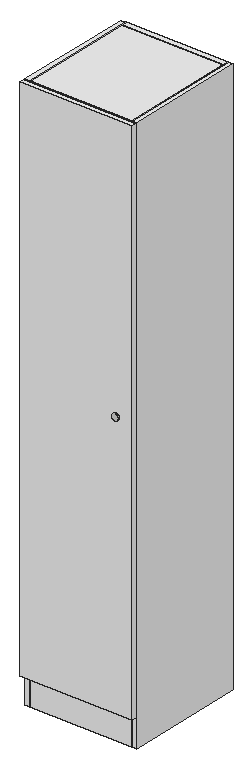
Revit family "Lockin Lockers AU_Hybrid Locker_R22", category Furniture, Revit 2022
Family settings
  OmniClass Number = 23.40.20.27
  OmniClass Title = Storage Shelving
  Work Plane-Based = Yes
  Always vertical = Yes
  Cut with Voids When Loaded = No
  Render Appearance Source = Family Geometry
  Shared = Yes
  Room Calculation Point = No
Parameters (values of type "Hybrid 1 door (HY1)")
  vis_Door 8 = if(N_Doors > 7, 1 = 1, 1 = 0)  # no
  vis_Door 7 = if(N_Doors > 6, 1 = 1, 1 = 0)  # no
  vis_Door 6 = if(N_Doors > 5, 1 = 1, 1 = 0)  # no
  vis_Door 5 = if(N_Doors > 4, 1 = 1, 1 = 0)  # no
  vis_Door 4 = if(N_Doors > 3, 1 = 1, 1 = 0)  # no
  vis_Door 3 = if(N_Doors > 2, 1 = 1, 1 = 0)  # no
  vis_Door 2 = if(N_Doors > 1, 1 = 1, 1 = 0)  # no
  vis_Door 1 = if(N_Doors > 0, 1 = 1, 1 = 0)  # yes
  Width Control = if(Desired Width > Maximum Width, Maximum Width, if(Desired Width < Minimum Width, Minimum Width, Desired Width))  # 400 mm
  URL = "https://www.lockin.com.au/lockers/hybrid-lockers/hy1-locker"
  TH Wall = 18 mm  # constant formula
  N_Doors = 1
  Locker Joint = 3 mm  # constant formula
  Height Control = if(Desired Height > Maximum Height, Maximum Height, if(Desired Height < Minimum Height, Minimum Height, Desired Height))  # 2000 mm
  Minimum Width = 300 mm  # constant formula
  Minimum Height = 400 mm  # constant formula
  Minimum Depth = 200 mm  # constant formula
  Maximum Width = 600 mm  # constant formula
  Maximum Height = 2000 mm  # constant formula
  Maximum Depth = 600 mm  # constant formula
  LH Door Swing [instance] = not(RH Door Swing)  # no
  Model = "HY1"
  Manufacturer = "Lockin Lockers AU"  # constant formula
  RH Door Swing [instance] = yes
  H Locker = ((Height Control - Base Height Control) / (N_Doors)) - ((Locker Joint * (N_Doors - 1)) / N_Doors)  # 1900 mm
  Door Type = Lockin_Locker Door_R22 : Standard Door/Key Lock
  Door Material = Material - Melamine - Laminex or Polytec Finish
  Desired Base Height = 100 mm
  Description = "Hybrid 1 door"
  Depth Control = if(Desired Depth > Maximum Depth, Maximum Depth, if(Desired Depth < Minimum Depth, Minimum Depth, Desired Depth))  # 450 mm
  Default Elevation = 0 mm  # constant formula
  Desired Height = 2100 mm
  Desired Depth = 450 mm
  Desired Width = 400 mm
  Body/Frame Material = Material - Welded Steel - Oven-Baked Powdercoat
  Minimum Base Height = 100 mm  # constant formula
  Maximum Base Height = 100 mm  # constant formula
  Base Height Control = if(Desired Base Height > Maximum Base Height, Maximum Base Height, if(Desired Base Height < Minimum Base Height, Minimum Base Height, Desired Base Height))  # 100 mm
  Assembly Code = ""
Types (8, lengths in mm): name | vis_Door 8 | vis_Door 7 | vis_Door 6 | vis_Door 5 | vis_Door 4 | vis_Door 3 | vis_Door 2 | URL | N_Doors | Model | H Locker | Door Type | Description
  (no name) | no | no | no | no | no | no | no | "https://www.lockin.com.au/lockers/hybrid-lockers/hy1-locker" | 1 | "HY1" | 1900 | Lockin_Locker Door_R22 : Standard Door/Key Lock | "Hybrid 1 door"
  Hybrid 8 door (HY8) | yes | yes | yes | yes | yes | yes | yes | "https://www.lockin.com.au/lockers/hybrid-lockers/hy8-locker" | 8 | "HY8" | 234.875 | Lockin_Locker Door_R22 : Standard Door/Key Lock | "Hybrid 8 door"
  Hybrid 3 door (HY3) | no | no | no | no | no | yes | yes | "https://www.lockin.com.au/lockers/hybrid-lockers/hy3-locker" | 3 | "HY3" | 631.333 | Lockin_Locker Door_R22 : Standard Door/Key Lock | "Hybrid 3 door"
  Hybrid 4 door (HY4) | no | no | no | no | yes | yes | yes | "https://www.lockin.com.au/lockers/hybrid-lockers/hy4-locker" | 4 | "HY4" | 472.75 | Lockin_Locker Door_R22 : Standard Door/Key Lock | "Hybrid 4 door"
  Hybrid 6 door (HY6) | no | no | yes | yes | yes | yes | yes | "https://www.lockin.com.au/lockers/hybrid-lockers/hy6-locker" | 6 | "HY6" | 314.167 | Lockin_Locker Door_R22 : Standard Door/Key Lock | "Hybrid 6 door"
  Hybrid 2 door (HY2) | no | no | no | no | no | no | yes | "https://www.lockin.com.au/lockers/hybrid-lockers/hy2-locker" | 2 | "HY2" | 948.5 | Lockin_Locker Door_R22 : Standard Door/Key Lock | "Hybrid 2 door"
  Hybrid 1 door (HY1) | no | no | no | no | no | no | no | "https://www.lockin.com.au/lockers/hybrid-lockers/hy1-locker" | 1 | "HY1" | 1900 | Lockin_Locker Door_R22 : Standard Door/Key Lock | "Hybrid 1 door"
  Hybrid Wave door (HYL2) | no | no | no | no | no | no | no | "https://www.lockin.com.au/lockers/hybrid-lockers/hyl2-locker" | 1 | "HYL2" | 1900 | Lockin_Locker Door_R22 : Wave Door/Key Lock | "Hybrid Wave door"
Reference planes
  plane 1 "Back": y = -2057.4
  plane 2 "Bottom": z = 0
  plane 3 "Right": x = 271.334
  plane 4 "Left": x = -128.666
  plane 5 "Front": y = -2507.4
  plane 6 "Left Inside": x = -110.666
  plane 7 "Front Inside": y = -2488.4
  plane 8 "Right Inside": x = 253.334
  plane 9 "Back Inside": y = -2075.4
  plane 10 "4P": z = 18
  plane 11 "Center (Left/Right)": x = 71.334
  plane 12 "Front Base": y = -2457.4
  plane 13 "Back Base": y = -2439.4
  plane 14 "Left5": y = -2486.4
  plane 15 "Bottom Shelf 1": z = 1982
  plane 16 "Bottom Shelf 2": z = 3885
  plane 17 "H Locker": z = 2000
  plane 18 "Top Joint": z = 2003
  plane 19 "Floating Shelf Front": y = -2343.4
  plane 20 "Center (Front/Back)": y = -2282.4
  plane 21: z = 3903
  plane 22 "Top ref": z = 2000
  plane 23: z = 1982
  plane 24: z = 3906
  plane 25 "Bottom Shelf 33": z = 5788
  plane 26: z = 5806
  plane 27: z = 5809
  plane 28 "Bottom Shelf 34": z = 7691
  plane 29: z = 7709
  plane 30: z = 7712
  plane 31 "Bottom Shelf 35": z = 9594
  plane 32: z = 9612
  plane 33: z = 9615
  plane 34 "Bottom Shelf 36": z = 11497
  plane 35: z = 11515
  plane 36: z = 11518
  plane 37 "Bottom Shelf 37": z = 13400
  plane 38: z = 13418
  plane 39: z = 13421
  plane 40 "Bottom Shelf 38": z = 2021
  plane 41: z = 3924
  plane 42: z = 5827
  plane 43: z = 7730
  plane 44: z = 9633
  plane 45: z = 11536
  plane 46: z = 13439
  plane 47 "Bottom Shelf 39": z = 118
  plane 48 "Bottom Shelf 40": z = 100
  plane 49: y = -2468.4
Forms (mm)
  Extrusion 1, solid, material "Material - Welded Steel - Oven-Baked Powdercoat" <- "Body/Frame Material"
    sketch origin (0, -2257.4, -1725.6) x (1, 0, 0) y (0, 0, 1)
      loop
        line (-110.666, 1825.6) -> (253.334, 1825.6) -> (253.334, 1843.6) -> (-110.666, 1843.6) -> (-110.666, 1825.6)
    from -182 to 229
  Extrusion 2, solid, material "Material - Welded Steel - Oven-Baked Powdercoat" <- "Body/Frame Material"
    sketch origin (0, 0, 0) x (1, 0, 0) y (0, 1, 0)
      loop
        line (-128.666, -2057.4) -> (-128.666, -2486.4) -> (-110.666, -2486.4) -> (-110.666, -2057.4) -> (-128.666, -2057.4)
    from 0 to 2000
  Extrusion 3, solid, material "Material - Welded Steel - Oven-Baked Powdercoat" <- "Body/Frame Material"
    sketch origin (0, 0, 0) x (1, 0, 0) y (0, 1, 0)
      loop
        line (-110.666, -2057.4) -> (-110.666, -2075.4) -> (253.334, -2075.4) -> (253.334, -2057.4) -> (-110.666, -2057.4)
    from 0 to 2000
  Extrusion 4, solid, material "Material - Welded Steel - Oven-Baked Powdercoat" <- "Body/Frame Material"
    sketch origin (2266.95, 0, 0) x (1, 0, 0) y (0, 1, 0)
      loop
        line (-2013.616, -2057.4) -> (-2013.616, -2486.4) -> (-1995.616, -2486.4) -> (-1995.616, -2057.4) -> (-2013.616, -2057.4)
    from 0 to 2000
  Extrusion 5, solid, material "Material - Welded Steel - Oven-Baked Powdercoat" <- "Body/Frame Material"
    sketch origin (0, -2507.4, -183.6) x (1, 0, 0) y (0, 0, 1)
      loop
        line (-110.666, 2165.6) -> (253.334, 2165.6) -> (253.334, 2183.6) -> (-110.666, 2183.6) -> (-110.666, 2165.6)
    from -432 to -21
  Extrusion 6, solid, material "Material - Welded Steel - Oven-Baked Powdercoat" <- "Body/Frame Material", visible <- "vis_Door 2"
    sketch origin (0, -2257.4, -1475.225) x (1, 0, 0) y (0, 0, 1)
      loop
        line (-110.666, 3478.225) -> (253.334, 3478.225) -> (253.334, 3496.225) -> (-110.666, 3496.225) -> (-110.666, 3478.225)
    from -182 to 229
  Extrusion 7, solid, material "Material - Welded Steel - Oven-Baked Powdercoat" <- "Body/Frame Material", visible <- "vis_Door 3"
    sketch origin (0, -2257.4, -1224.85) x (1, 0, 0) y (0, 0, 1)
      loop
        line (-110.666, 5130.85) -> (253.334, 5130.85) -> (253.334, 5148.85) -> (-110.666, 5148.85) -> (-110.666, 5130.85)
    from -182 to 229
  Extrusion 8, solid, material "Material - Welded Steel - Oven-Baked Powdercoat" <- "Body/Frame Material", visible <- "vis_Door 4"
    sketch origin (0, -2257.4, -974.475) x (1, 0, 0) y (0, 0, 1)
      loop
        line (-110.666, 6783.475) -> (253.334, 6783.475) -> (253.334, 6801.475) -> (-110.666, 6801.475) -> (-110.666, 6783.475)
    from -182 to 229
  Extrusion 9, solid, material "Material - Welded Steel - Oven-Baked Powdercoat" <- "Body/Frame Material", visible <- "vis_Door 5"
    sketch origin (0, -2257.4, -724.1) x (1, 0, 0) y (0, 0, 1)
      loop
        line (-110.666, 8436.1) -> (253.334, 8436.1) -> (253.334, 8454.1) -> (-110.666, 8454.1) -> (-110.666, 8436.1)
    from -182 to 229
  Extrusion 10, solid, material "Material - Welded Steel - Oven-Baked Powdercoat" <- "Body/Frame Material", visible <- "vis_Door 6"
    sketch origin (0, -2257.4, -473.725) x (1, 0, 0) y (0, 0, 1)
      loop
        line (-110.666, 10088.725) -> (253.334, 10088.725) -> (253.334, 10106.725) -> (-110.666, 10106.725) -> (-110.666, 10088.725)
    from -182 to 229
  Extrusion 11, solid, material "Material - Welded Steel - Oven-Baked Powdercoat" <- "Body/Frame Material", visible <- "vis_Door 7"
    sketch origin (0, -2257.4, -223.35) x (1, 0, 0) y (0, 0, 1)
      loop
        line (-110.666, 11741.35) -> (253.334, 11741.35) -> (253.334, 11759.35) -> (-110.666, 11759.35) -> (-110.666, 11741.35)
    from -182 to 229
  Extrusion 12, solid, material "Material - Welded Steel - Oven-Baked Powdercoat" <- "Body/Frame Material", visible <- "vis_Door 8"
    sketch origin (0, -2257.4, 27.025) x (1, 0, 0) y (0, 0, 1)
      loop
        line (-110.666, 13393.975) -> (253.334, 13393.975) -> (253.334, 13411.975) -> (-110.666, 13411.975) -> (-110.666, 13393.975)
    from -182 to 229
  Extrusion 13, solid, material "Material - Welded Steel - Oven-Baked Powdercoat" <- "Body/Frame Material"
    sketch origin (0, 0, 0) x (1, 0, 0) y (0, 1, 0)
      loop
        line (-110.666, -2486.4) -> (253.334, -2486.4) -> (253.334, -2468.4) -> (-110.666, -2468.4) -> (-110.666, -2486.4)
    from 0 to 100
Dimensions and locks
  "Depth Control": plane 5 "Front" to plane 1 "Back"
  "TH Wall": plane 9 "Back Inside" to plane 1 "Back"
  "TH Wall": plane 4 "Left" to plane 6 "Left Inside"
  "TH Wall": plane 8 "Right Inside" to plane 3 "Right"
  "Width Control": plane 4 "Left" to plane 3 "Right"
  equal spacing: plane 4 "Left", plane 11 "Center (Left/Right)", plane 3 "Right"
  locked: plane 5 "Front" to plane 12 "Front Base" at 50
  locked: plane 12 "Front Base" to plane 13 "Back Base" at 18
  plane 5 "Front" to plane 7 "Front Inside" = 19 mm
  locked: plane 7 "Front Inside" to plane 14 "Left5" at 2
  "H Locker": plane 17 "H Locker" to plane 48 "Bottom Shelf 40"
  "Locker Joint": plane 18 "Top Joint" to plane 17 "H Locker"
  locked: plane 9 "Back Inside" to plane 19 "Floating Shelf Front" at 268
  equal spacing: plane 1 "Back", plane 20 "Center (Front/Back)", plane 5 "Front"
  "TH Wall": plane 17 "H Locker" to plane 15 "Bottom Shelf 1"
  "H Locker": plane 21 to plane 18 "Top Joint"
  "TH Wall": plane 21 to plane 16 "Bottom Shelf 2"
  "Height Control": plane 22 "Top ref" to level
  "TH Wall": plane 22 "Top ref" to plane 23
  "Locker Joint": plane 24 to plane 21
  "TH Wall": plane 26 to plane 25 "Bottom Shelf 33"
  "Locker Joint": plane 27 to plane 26
  "TH Wall": plane 29 to plane 28 "Bottom Shelf 34"
  "Locker Joint": plane 30 to plane 29
  "TH Wall": plane 32 to plane 31 "Bottom Shelf 35"
  "Locker Joint": plane 33 to plane 32
  "TH Wall": plane 35 to plane 34 "Bottom Shelf 36"
  "Locker Joint": plane 36 to plane 35
  "TH Wall": plane 38 to plane 37 "Bottom Shelf 37"
  "Locker Joint": plane 39 to plane 38
  "H Locker": plane 26 to plane 24
  "H Locker": plane 29 to plane 27
  "H Locker": plane 32 to plane 30
  "H Locker": plane 35 to plane 33
  "H Locker": plane 38 to plane 36
  "TH Wall": plane 40 "Bottom Shelf 38" to plane 18 "Top Joint"
  "TH Wall": plane 41 to plane 24
  "TH Wall": plane 42 to plane 27
  "TH Wall": plane 43 to plane 30
  "TH Wall": plane 44 to plane 33
  "TH Wall": plane 45 to plane 36
  "TH Wall": plane 46 to plane 39
  "Base Height Control": plane 48 "Bottom Shelf 40" to level
  "TH Wall": plane 47 "Bottom Shelf 39" to plane 48 "Bottom Shelf 40"
  "TH Wall": plane 14 "Left5" to plane 49
  aligned and locked: level to plane 2 "Bottom"
  aligned and locked: plane 6 "Left Inside" to Extrusion 1
  aligned and locked: plane 4 "Left" to Extrusion 2
  aligned and locked: Extrusion 2 to Extrusion 1
  aligned and locked: Extrusion 2 to plane 1 "Back"
  aligned and locked: Extrusion 3 to Extrusion 1
  aligned and locked: Extrusion 3 to plane 1 "Back"
  aligned and locked: plane 9 "Back Inside" to Extrusion 3
  aligned and locked: plane 3 "Right" to Extrusion 4
  aligned and locked: Extrusion 4 to plane 1 "Back"
  aligned and locked: plane 14 "Left5" to Extrusion 2
  aligned and locked: plane 14 "Left5" to Extrusion 4
  aligned and locked: Extrusion 5 to Extrusion 1  (x3)
  aligned and locked: plane 11 "Center (Left/Right)" to nested 1
  aligned and locked: plane 18 "Top Joint" to nested 2
  aligned and locked: Extrusion 3 to level
  aligned and locked: Extrusion 2 to level
  aligned and locked: Extrusion 4 to level
  aligned and locked: plane 22 "Top ref" to Extrusion 5
  aligned and locked: Extrusion 1 to plane 9 "Back Inside"
  aligned and locked: plane 22 "Top ref" to Extrusion 4
  aligned and locked: plane 22 "Top ref" to Extrusion 2
  aligned and locked: plane 22 "Top ref" to Extrusion 3
  aligned and locked: Extrusion 5 to Extrusion 2
  aligned and locked: Extrusion 5 to plane 23
  aligned and locked: plane 24 to nested 3
  aligned and locked: nested 2 to plane 11 "Center (Left/Right)"
  aligned and locked: nested 3 to plane 11 "Center (Left/Right)"
  aligned and locked: nested 4 to plane 11 "Center (Left/Right)"
  aligned and locked: nested 5 to plane 11 "Center (Left/Right)"
  aligned and locked: nested 6 to plane 11 "Center (Left/Right)"
  aligned and locked: nested 7 to plane 11 "Center (Left/Right)"
  aligned and locked: nested 8 to plane 11 "Center (Left/Right)"
  aligned and locked: plane 27 to nested 4
  aligned and locked: plane 30 to nested 5
  aligned and locked: plane 33 to nested 6
  aligned and locked: plane 36 to nested 7
  aligned and locked: plane 39 to nested 8
  aligned and locked: Extrusion 1 to plane 8 "Right Inside"
  aligned and locked: plane 14 "Left5" to Extrusion 1
  aligned and locked: plane 40 "Bottom Shelf 38" to Extrusion 6
  aligned and locked: Extrusion 6 to plane 18 "Top Joint"
  aligned and locked: Extrusion 6 to Extrusion 1  (x4)
  aligned and locked: plane 41 to Extrusion 7
  aligned and locked: Extrusion 7 to nested 3
  aligned and locked: plane 8 "Right Inside" to Extrusion 7
  aligned and locked: Extrusion 7 to Extrusion 1  (x3)
  aligned and locked: plane 42 to Extrusion 8
  aligned and locked: Extrusion 8 to nested 4
  aligned and locked: Extrusion 8 to Extrusion 1  (x4)
  aligned and locked: Extrusion 9 to nested 5
  aligned and locked: plane 43 to Extrusion 9
  aligned and locked: Extrusion 9 to Extrusion 1  (x4)
  aligned and locked: plane 44 to Extrusion 10
  aligned and locked: Extrusion 10 to nested 6
  aligned and locked: Extrusion 10 to Extrusion 1  (x4)
  aligned and locked: plane 45 to Extrusion 11
  aligned and locked: Extrusion 11 to nested 7
  aligned and locked: Extrusion 11 to Extrusion 1  (x4)
  aligned and locked: plane 46 to Extrusion 12
  aligned and locked: Extrusion 12 to nested 8
  aligned and locked: Extrusion 12 to Extrusion 1  (x4)
  aligned and locked: plane 48 "Bottom Shelf 40" to nested 1
  aligned and locked: plane 47 "Bottom Shelf 39" to Extrusion 1
  aligned and locked: Extrusion 1 to plane 48 "Bottom Shelf 40"
  aligned and locked: Extrusion 13 to Extrusion 1  (x3)
  aligned and locked: Extrusion 13 to plane 49
  aligned and locked: Extrusion 1 to Extrusion 13
  aligned and locked: Extrusion 13 to level
Automatic sketch dimensions
  plane 6 "Left Inside" to Extrusion 1 sketch curve = 0 mm
  plane 8 "Right Inside" to Extrusion 1 sketch curve = 0 mm
  level to Extrusion 1 sketch curve = 100 mm
  plane 10 "4P" to Extrusion 1 sketch curve = 100 mm
  Extrusion 2 sketch curve to plane 4 "Left" = 0 mm
  Extrusion 2 sketch curve to plane 6 "Left Inside" = 0 mm
  plane 14 "Left5" to Extrusion 2 sketch curve = 0 mm
  plane 1 "Back" to Extrusion 2 sketch curve = 0 mm
  Extrusion 3 sketch curve to plane 6 "Left Inside" = 0 mm
  Extrusion 3 sketch curve to plane 8 "Right Inside" = 0 mm
  plane 9 "Back Inside" to Extrusion 3 sketch curve = 0 mm
  plane 1 "Back" to Extrusion 3 sketch curve = 0 mm
  Extrusion 4 sketch curve to plane 8 "Right Inside" = 0 mm
  Extrusion 4 sketch curve to plane 3 "Right" = 0 mm
  plane 14 "Left5" to Extrusion 4 sketch curve = 0 mm
  plane 1 "Back" to Extrusion 4 sketch curve = 0 mm
  plane 6 "Left Inside" to Extrusion 5 sketch curve = 0 mm
  plane 8 "Right Inside" to Extrusion 5 sketch curve = 0 mm
  Extrusion 5 sketch curve to plane 23 = 0 mm
  Extrusion 5 sketch curve to plane 22 "Top ref" = 0 mm
  plane 6 "Left Inside" to Extrusion 6 sketch curve = 0 mm
  plane 8 "Right Inside" to Extrusion 6 sketch curve = 0 mm
  Extrusion 6 sketch curve to plane 18 "Top Joint" = 0 mm
  Extrusion 6 sketch curve to Extrusion 6 sketch curve = 18 mm
  plane 6 "Left Inside" to Extrusion 7 sketch curve = 0 mm
  plane 8 "Right Inside" to Extrusion 7 sketch curve = 0 mm
  Extrusion 7 sketch curve to plane 24 = 0 mm
  Extrusion 7 sketch curve to Extrusion 7 sketch curve = 18 mm
  plane 6 "Left Inside" to Extrusion 8 sketch curve = 0 mm
  plane 8 "Right Inside" to Extrusion 8 sketch curve = 0 mm
  Extrusion 8 sketch curve to plane 27 = 0 mm
  Extrusion 8 sketch curve to Extrusion 8 sketch curve = 18 mm
  plane 6 "Left Inside" to Extrusion 9 sketch curve = 0 mm
  plane 8 "Right Inside" to Extrusion 9 sketch curve = 0 mm
  Extrusion 9 sketch curve to plane 30 = 0 mm
  Extrusion 9 sketch curve to Extrusion 9 sketch curve = 18 mm
  plane 6 "Left Inside" to Extrusion 10 sketch curve = 0 mm
  plane 8 "Right Inside" to Extrusion 10 sketch curve = 0 mm
  Extrusion 10 sketch curve to plane 33 = 0 mm
  Extrusion 10 sketch curve to Extrusion 10 sketch curve = 18 mm
  plane 6 "Left Inside" to Extrusion 11 sketch curve = 0 mm
  plane 8 "Right Inside" to Extrusion 11 sketch curve = 0 mm
  Extrusion 11 sketch curve to plane 36 = 0 mm
  Extrusion 11 sketch curve to Extrusion 11 sketch curve = 18 mm
  plane 6 "Left Inside" to Extrusion 12 sketch curve = 0 mm
  plane 8 "Right Inside" to Extrusion 12 sketch curve = 0 mm
  Extrusion 12 sketch curve to plane 39 = 0 mm
  plane 39 to Extrusion 12 sketch curve = 18 mm
  Extrusion 13 sketch curve to plane 6 "Left Inside" = 0 mm
  Extrusion 13 sketch curve to plane 8 "Right Inside" = 0 mm
  plane 14 "Left5" to Extrusion 13 sketch curve = 0 mm
  plane 49 to Extrusion 13 sketch curve = 0 mm
Nested families
  nested 1: "Lockin_Locker Door_R22" at (20, -431, 100), W Locker <- "Width Control", H Locker <- "H Locker", Locker Material <- "Door Material", type <- "Door Type", LH <- "LH Door Swing", RH <- "RH Door Swing", visible <- "vis_Door 1", type "Standard Door/Key Lock"
    with Wave RH no, Wave LH no, W Locker 400 mm, Std RH yes, Std LH no, RH yes, R Outside 61.5 mm, R Inside 58.5 mm, Locker Material Material - Melamine - Laminex or Polytec Finish, LH no, H Wave Door 633.333 mm, H Locker 1900 mm
  nested 2: "Lockin_Locker Door_R22" at (20, -431, 2003), W Locker <- "Width Control", H Locker <- "H Locker", Locker Material <- "Door Material", type <- "Door Type", LH <- "LH Door Swing", RH <- "RH Door Swing", visible <- "vis_Door 2", type "Standard Door/Key Lock"
    with Wave RH no, Wave LH no, W Locker 400 mm, Std RH yes, Std LH no, RH yes, R Outside 61.5 mm, R Inside 58.5 mm, Locker Material Material - Melamine - Laminex or Polytec Finish, LH no, H Wave Door 633.333 mm, H Locker 1900 mm
  nested 3: "Lockin_Locker Door_R22" at (20, -431, 3906), W Locker <- "Width Control", H Locker <- "H Locker", Locker Material <- "Door Material", type <- "Door Type", LH <- "LH Door Swing", RH <- "RH Door Swing", visible <- "vis_Door 3", type "Standard Door/Key Lock"
    with Wave RH no, Wave LH no, W Locker 400 mm, Std RH yes, Std LH no, RH yes, R Outside 61.5 mm, R Inside 58.5 mm, Locker Material Material - Melamine - Laminex or Polytec Finish, LH no, H Wave Door 633.333 mm, H Locker 1900 mm
  nested 4: "Lockin_Locker Door_R22" at (20, -431, 5809), W Locker <- "Width Control", H Locker <- "H Locker", Locker Material <- "Door Material", type <- "Door Type", LH <- "LH Door Swing", RH <- "RH Door Swing", visible <- "vis_Door 4", type "Standard Door/Key Lock"
    with Wave RH no, Wave LH no, W Locker 400 mm, Std RH yes, Std LH no, RH yes, R Outside 61.5 mm, R Inside 58.5 mm, Locker Material Material - Melamine - Laminex or Polytec Finish, LH no, H Wave Door 633.333 mm, H Locker 1900 mm
  nested 5: "Lockin_Locker Door_R22" at (20, -431, 7712), W Locker <- "Width Control", H Locker <- "H Locker", Locker Material <- "Door Material", type <- "Door Type", LH <- "LH Door Swing", RH <- "RH Door Swing", visible <- "vis_Door 5", type "Standard Door/Key Lock"
    with Wave RH no, Wave LH no, W Locker 400 mm, Std RH yes, Std LH no, RH yes, R Outside 61.5 mm, R Inside 58.5 mm, Locker Material Material - Melamine - Laminex or Polytec Finish, LH no, H Wave Door 633.333 mm, H Locker 1900 mm
  nested 6: "Lockin_Locker Door_R22" at (20, -431, 9615), W Locker <- "Width Control", H Locker <- "H Locker", Locker Material <- "Door Material", type <- "Door Type", LH <- "LH Door Swing", RH <- "RH Door Swing", visible <- "vis_Door 6", type "Standard Door/Key Lock"
    with Wave RH no, Wave LH no, W Locker 400 mm, Std RH yes, Std LH no, RH yes, R Outside 61.5 mm, R Inside 58.5 mm, Locker Material Material - Melamine - Laminex or Polytec Finish, LH no, H Wave Door 633.333 mm, H Locker 1900 mm
  nested 7: "Lockin_Locker Door_R22" at (20, -431, 11518), W Locker <- "Width Control", H Locker <- "H Locker", Locker Material <- "Door Material", type <- "Door Type", LH <- "LH Door Swing", RH <- "RH Door Swing", visible <- "vis_Door 7", type "Standard Door/Key Lock"
    with Wave RH no, Wave LH no, W Locker 400 mm, Std RH yes, Std LH no, RH yes, R Outside 61.5 mm, R Inside 58.5 mm, Locker Material Material - Melamine - Laminex or Polytec Finish, LH no, H Wave Door 633.333 mm, H Locker 1900 mm
  nested 8: "Lockin_Locker Door_R22" at (20, -431, 13421), W Locker <- "Width Control", H Locker <- "H Locker", Locker Material <- "Door Material", type <- "Door Type", LH <- "LH Door Swing", RH <- "RH Door Swing", visible <- "vis_Door 8", type "Standard Door/Key Lock"
    with Wave RH no, Wave LH no, W Locker 400 mm, Std RH yes, Std LH no, RH yes, R Outside 61.5 mm, R Inside 58.5 mm, Locker Material Material - Melamine - Laminex or Polytec Finish, LH no, H Wave Door 633.333 mm, H Locker 1900 mm
Definition of nested family "Lockin_Locker Door_R22"
  Parameters (values of type "Wave Door/Key Lock")
    Wave RH [instance] = if(and(Wave Door, RH), 1 = 1, 1 = 0)  # no
    Wave LH [instance] = if(and(Wave Door, LH), 1 = 1, 1 = 0)  # yes
    Wave Door = yes
    W Locker [instance] = 457.2 mm
    URL = ""
    TH Locker = 18.999 mm  # constant formula
    Std RH [instance] = if(and(Standard Door, RH), 1 = 1, 1 = 0)  # no
    Std LH [instance] = if(and(Standard Door, LH), 1 = 1, 1 = 0)  # no
    Standard Door = no
    RH [instance] = no
    R Outside [instance] = if(H Locker > 300 mm, 61.5 mm, 10 mm)  # 61.5 mm
    R Inside [instance] = if(H Locker > 300 mm, 58.5 mm, 10 mm)  # 58.5 mm
    Model = ""
    Manufacturer = "Lockin Lockers"  # constant formula
    Lock Type = Lockin_Lock_R22 : Key Lock
    LH [instance] = yes
    H Wave Door [instance] = H Locker / 3  # 423.333 mm
    H Locker [instance] = 1270 mm
    Description = ""
    Default Elevation = 0 mm  # constant formula
    Locker Material [instance] = none
  Types (6, lengths in mm): name | Wave LH | Wave Door | W Locker | Std RH | Standard Door | RH | Lock Type | LH | H Wave Door | H Locker
    Standard Door/Combination Lock | no | no | 457.2 | yes | yes | yes | Lockin_Lock_R22 : Combination Lock | no | 423.333 | 1270
    Wave Door/Combination Lock | yes | yes | 457.2 | no | no | no | Lockin_Lock_R22 : Combination Lock | yes | 423.333 | 1270
    Standard Door/OCS Lock | no | no | 457.2 | yes | yes | yes | Lockin_Lock_R22 : OCS Lock | no | 423.333 | 1270
    Wave Door/OCS Lock | yes | yes | 450 | no | no | no | Lockin_Lock_R22 : OCS Lock | yes | 200 | 600
    Standard Door/Key Lock | no | no | 457.2 | yes | yes | yes | Lockin_Lock_R22 : Key Lock | no | 423.333 | 1270
    Wave Door/Key Lock | yes | yes | 457.2 | no | no | no | Lockin_Lock_R22 : Key Lock | yes | 423.333 | 1270
  Reference planes
    plane 1 "Back": y = -2057.4
    plane 2 "Bottom": z = 0
    plane 3 "Left": x = 308.534
    plane 4 "Right": x = -148.666
    plane 5 "Top": z = 1270
    plane 6 "Front": y = -2076.399
    plane 7 "W Lock LH": x = -91.516
    plane 8 "H Lock": z = 635
    plane 9 "W Lock RH": x = 251.384
    plane 10: z = 846.667
    plane 11: z = 423.333
    plane 12 "Center (Left/Right)": x = 79.934
    plane 13 "wave bottom": z = 211.667
    plane 14 "wave top": z = 1058.333
  Forms (mm)
    Extrusion 1, solid, material <- "Locker Material", visible <- "Standard Door"
      sketch origin (0, -2076.399, 0) x (1, 0, 0) y (0, 0, 1)
        loop
          line (-148.666, 1270) -> (-148.666, 0) -> (308.534, 0) -> (308.534, 1270) -> (-148.666, 1270)
      from -18.999 to 0
    Extrusion 2, solid, material <- "Locker Material", visible <- "Wave RH"
      sketch origin (0, -2076.399, 0) x (1, 0, 0) y (0, 0, 1)
        loop
          line (-148.666, 1270) -> (-148.666, 424.833) -> (19.934, 424.833)
          arc (19.934, 424.833) -> (61.299, 441.968) -> (78.434, 483.333) r 58.5
          line (78.434, 483.333) -> (78.434, 786.667)
          arc (78.434, 786.667) -> (96.447, 830.154) -> (139.934, 848.167) r 61.5
          line (139.934, 848.167) -> (308.534, 848.167) -> (308.534, 1270) -> (-148.666, 1270)
        loop
          line (-148.666, 0) -> (308.534, 0) -> (308.534, 845.167) -> (139.934, 845.167)
          arc (139.934, 845.167) -> (98.568, 828.032) -> (81.434, 786.667) r 58.5
          line (81.434, 786.667) -> (81.434, 483.333)
          arc (81.434, 483.333) -> (63.421, 439.846) -> (19.934, 421.833) r 61.5
          line (19.934, 421.833) -> (-148.666, 421.833) -> (-148.666, 0)
      from -18.999 to 0
    Extrusion 3, solid, material <- "Locker Material", visible <- "Wave LH"
      sketch origin (0, -2076.399, 0) x (1, 0, 0) y (0, 0, 1)
        loop
          line (308.534, 1270) -> (-148.666, 1270) -> (-148.666, 848.167) -> (19.934, 848.167)
          arc (19.934, 848.167) -> (63.421, 830.154) -> (81.434, 786.667) r 61.5
          line (81.434, 786.667) -> (81.434, 483.333)
          arc (81.434, 483.333) -> (98.568, 441.968) -> (139.934, 424.833) r 58.5
          line (139.934, 424.833) -> (308.534, 424.833) -> (308.534, 1270)
        loop
          line (308.534, 0) -> (308.534, 421.833) -> (139.934, 421.833)
          arc (139.934, 421.833) -> (96.447, 439.846) -> (78.434, 483.333) r 61.5
          line (78.434, 483.333) -> (78.434, 786.667)
          arc (78.434, 786.667) -> (61.299, 828.032) -> (19.934, 845.167) r 58.5
          line (19.934, 845.167) -> (-148.666, 845.167) -> (-148.666, 0) -> (308.534, 0)
      from -18.999 to 0
  Dimensions and locks
    "W Locker": plane 4 "Right" to plane 3 "Left"
    "TH Locker": plane 6 "Front" to plane 1 "Back"
    "H Locker": plane 5 "Top" to level
    locked: plane 4 "Right" to plane 7 "W Lock LH" at 57.15
    locked: plane 3 "Left" to plane 9 "W Lock RH" at 57.15
    equal spacing: plane 5 "Top", plane 8 "H Lock", level
    "H Wave Door": plane 5 "Top" to plane 10
    "H Wave Door": plane 11 to level
    equal spacing: plane 4 "Right", plane 12 "Center (Left/Right)", plane 3 "Left"
    Extrusion 2 sketch curve to plane 11 to Extrusion 2 sketch curve = 1.5 mm locked, 1.5 mm locked
    Extrusion 2 sketch curve to plane 12 "Center (Left/Right)" to Extrusion 2 sketch curve = 1.5 mm locked, 1.5 mm locked
    Extrusion 2 sketch curve to plane 10 to Extrusion 2 sketch curve = 1.5 mm locked, 1.5 mm locked
    Extrusion 3 sketch curve to plane 11 to Extrusion 3 sketch curve = 1.5 mm locked, 1.5 mm locked
    Extrusion 3 sketch curve to plane 12 "Center (Left/Right)" to Extrusion 3 sketch curve = 1.5 mm locked, 1.5 mm locked
    Extrusion 3 sketch curve to plane 10 to Extrusion 3 sketch curve = 1.5 mm locked, 1.5 mm locked
    equal spacing: plane 5 "Top", plane 14 "wave top", plane 10
    equal spacing: plane 11, plane 13 "wave bottom", level
    "R Inside": radius of Extrusion 3 sketch curve  (x2)
    "R Outside": radius of Extrusion 3 sketch curve  (x2)
    "R Inside": radius of Extrusion 2 sketch curve  (x2)
    "R Outside": radius of Extrusion 2 sketch curve  (x2)
    aligned and locked: level to plane 2 "Bottom"
    aligned and locked: plane 5 "Top" to Extrusion 1
    aligned and locked: plane 3 "Left" to Extrusion 1
    aligned and locked: Extrusion 1 to level
    aligned and locked: plane 4 "Right" to Extrusion 1
    aligned and locked: Extrusion 1 to plane 1 "Back"
    aligned and locked: plane 6 "Front" to Extrusion 1
    aligned and locked: Extrusion 2 to plane 1 "Back"
    aligned and locked: Extrusion 2 to Extrusion 1
    aligned and locked: plane 6 "Front" to Extrusion 2
    aligned and locked: plane 4 "Right" to Extrusion 3 sketch curve  (x2)
    aligned and locked: Extrusion 3 sketch curve to level
    aligned and locked: plane 3 "Left" to Extrusion 3 sketch curve  (x2)
    aligned and locked: plane 5 "Top" to Extrusion 3 sketch curve
    aligned and locked: Extrusion 3 to plane 1 "Back"
    aligned and locked: plane 6 "Front" to Extrusion 3
    aligned and locked: plane 9 "W Lock RH" to nested 5
    aligned and locked: nested 4 to plane 7 "W Lock LH"
    aligned and locked: plane 9 "W Lock RH" to nested 2
    aligned and locked: nested 6 to plane 7 "W Lock LH"
    aligned and locked: plane 9 "W Lock RH" to nested 3
    aligned and locked: nested 1 to plane 7 "W Lock LH"
    aligned and locked: plane 6 "Front" to nested 2
    aligned and locked: plane 6 "Front" to nested 1
    aligned and locked: plane 6 "Front" to nested 4
    aligned and locked: plane 6 "Front" to nested 5
    aligned and locked: plane 6 "Front" to nested 3
    aligned and locked: plane 6 "Front" to nested 6
  Automatic sketch dimensions
    Extrusion 1 sketch curve to level = 0 mm
    plane 4 "Right" to Extrusion 1 sketch curve = 0 mm
    Extrusion 1 sketch curve to plane 3 "Left" = 0 mm
    Extrusion 1 sketch curve to plane 5 "Top" = 0 mm
    plane 4 "Right" to Extrusion 2 sketch curve = 0 mm  (x2)
    Extrusion 2 sketch curve to level = 0 mm
    Extrusion 2 sketch curve to plane 3 "Left" = 0 mm  (x2)
    Extrusion 2 sketch curve to plane 5 "Top" = 0 mm
  Nested families
    nested 1: "Lockin_Lock_R22" at (-1009.65, -18.999, 211.667), visible <- "Wave RH", type <- "Lock Type", type "Key Lock"
    nested 2: "Lockin_Lock_R22" at (-666.75, -18.999, 211.667), visible <- "Wave LH", type <- "Lock Type", type "Key Lock"
    nested 3: "Lockin_Lock_R22" at (-666.75, -18.999, 1058.333), visible <- "Wave RH", type <- "Lock Type", type "Key Lock"
    nested 4: "Lockin_Lock_R22" at (-1009.65, -18.999, 635), visible <- "Std LH", type <- "Lock Type", type "Key Lock"
    nested 5: "Lockin_Lock_R22" at (-666.75, -18.999, 635), visible <- "Std RH", type <- "Lock Type", type "Key Lock"
    nested 6: "Lockin_Lock_R22" at (-1009.65, -18.999, 1058.333), visible <- "Wave LH", type <- "Lock Type", type "Key Lock"
  Definition of nested family "Lockin_Lock_R22"
    Parameters (values of type "Key Lock")
      vis_Key = yes
      vis_Combination = no
      vis_OCS = no
      W = 50 mm
      URL = ""
      Lock Material = none
      Model = ""
      Manufacturer = "Lockin Lockers"  # constant formula
      H = 75 mm
      Description = ""
      Default Elevation = 0 mm
      D = 15 mm
    Types (3, lengths in mm): name | vis_Key | vis_Combination | vis_OCS | W | D
      OCS Lock | no | no | yes | 50 | 15
      Combination Lock | no | yes | no | 30 | 10
      Key Lock | yes | no | no | 50 | 15
    Reference planes
      plane 1 "Back": y = -2057.4
      plane 2: z = 0
      plane 3 "Left": x = 918.134
      plane 4 "Center (Left/Right)": x = 918.134
      plane 5: x = 943.134
      plane 6: x = 893.134
      plane 7 "Front": y = -2072.4
      plane 8: z = 37.5
      plane 9: z = -37.5
      plane 10: y = -2060.4
    Forms (mm)
      Extrusion 1, solid, material <- "Lock Material", visible <- "vis_Combination"
        sketch origin (0, -2057.4, 0) x (1, 0, 0) y (0, 0, 1)
          loop
            arc (898.134, 37.5) -> (894.598, 36.036) -> (893.134, 32.5) r 5
            line (893.134, 32.5) -> (893.134, -32.5)
            arc (893.134, -32.5) -> (894.598, -36.036) -> (898.134, -37.5) r 5
            line (898.134, -37.5) -> (938.134, -37.5)
            arc (938.134, -37.5) -> (941.669, -36.036) -> (943.134, -32.5) r 5
            line (943.134, -32.5) -> (943.134, 32.5)
            arc (943.134, 32.5) -> (941.669, 36.036) -> (938.134, 37.5) r 5
            line (938.134, 37.5) -> (898.134, 37.5)
        from 0 to 15
      Extrusion 2, solid, material <- "Lock Material", visible <- "vis_Key"
        sketch origin (0, -2057.4, 0) x (1, 0, 0) y (0, 0, 1)
          loop
            circle (918.134, 0) r 12
        from 0 to 3
      Extrusion 3, solid, material <- "Lock Material", visible <- "vis_OCS"
        sketch origin (0, -2057.4, 0) x (1, 0, 0) y (0, 0, 1)
          loop
            arc (898.134, 37.5) -> (894.598, 36.036) -> (893.134, 32.5) r 5
            line (893.134, 32.5) -> (893.134, -32.5)
            arc (893.134, -32.5) -> (894.598, -36.036) -> (898.134, -37.5) r 5
            line (898.134, -37.5) -> (938.134, -37.5)
            arc (938.134, -37.5) -> (941.669, -36.036) -> (943.134, -32.5) r 5
            line (943.134, -32.5) -> (943.134, 32.5)
            arc (943.134, 32.5) -> (941.669, 36.036) -> (938.134, 37.5) r 5
            line (938.134, 37.5) -> (898.134, 37.5)
        from 0 to 15
    Dimensions and locks
      "D": plane 1 "Back" to plane 7 "Front"
      equal spacing: plane 6, plane 4 "Center (Left/Right)", plane 5
      "H": plane 8 to plane 9
      "W": plane 6 to plane 5
      equal spacing: plane 8, level, plane 9
      locked: plane 10 to plane 1 "Back" at 3
      aligned and locked: level to plane 2
      aligned and locked: plane 6 to Extrusion 1 sketch curve
      aligned and locked: Extrusion 1 sketch curve to plane 8
      aligned and locked: plane 5 to Extrusion 1 sketch curve
      aligned and locked: plane 9 to Extrusion 1 sketch curve
      aligned and locked: Extrusion 1 to plane 1 "Back"
      aligned and locked: Extrusion 1 to plane 7 "Front"
      aligned and locked: Extrusion 2 to plane 1 "Back"
      aligned and locked: Extrusion 2 to plane 10
      aligned and locked: Extrusion 3 sketch curve to plane 8
      aligned and locked: plane 5 to Extrusion 3 sketch curve
      aligned and locked: plane 9 to Extrusion 3 sketch curve
      aligned and locked: plane 6 to Extrusion 3 sketch curve
      aligned and locked: Extrusion 3 to plane 1 "Back"
      aligned and locked: Extrusion 3 to plane 7 "Front"
      aligned and locked: plane 4 "Center (Left/Right)" to Extrusion 2 sketch curve
      aligned and locked: level to Extrusion 2 sketch curve
    Automatic sketch dimensions
      plane 6 to Extrusion 1 sketch curve = 5 mm  (x2)
      plane 5 to Extrusion 1 sketch curve = 5 mm
      Extrusion 1 sketch curve to Extrusion 1 sketch curve = 5 mm
      plane 9 to Extrusion 3 sketch curve = 5 mm
      Extrusion 3 sketch curve to Extrusion 3 sketch curve = 5 mm
      Extrusion 3 sketch curve to Extrusion 3 sketch curve = 40 mm
      Extrusion 3 sketch curve to plane 8 = 5 mm
      radius of Extrusion 2 sketch curve = 12 mm
